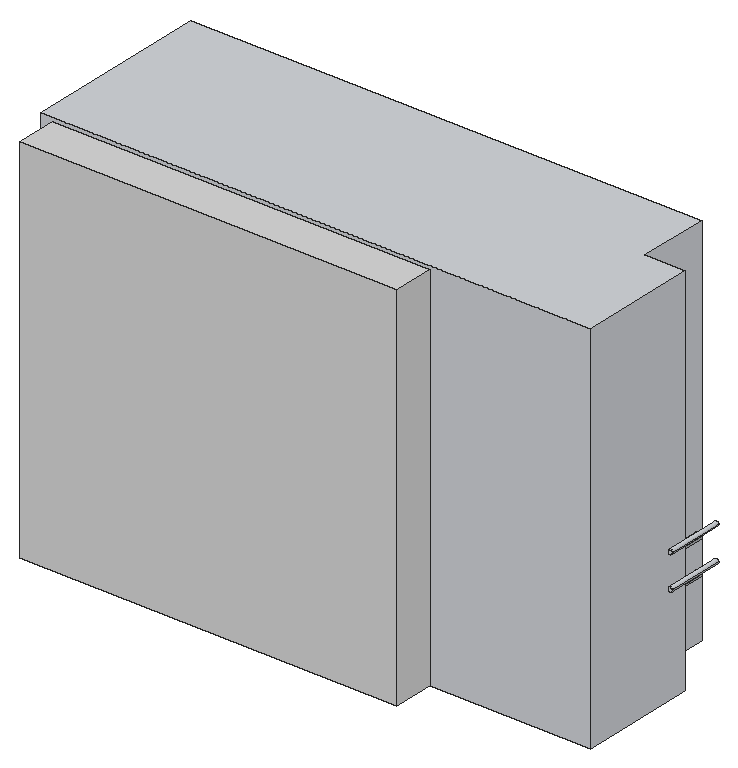
Revit family "LG_Multi_F_R32_ODU_2Port_U24A_NA_v1.1", category Mechanical Equipment, Revit 2020
Family settings
  Round Connector Dimension = Use Diameter
  Classification = None
  Part Type = Normal
  Work Plane-Based = No
  Always vertical = Yes
  Cut with Voids When Loaded = No
  Shared = No
  Room Calculation Point = No
Parameters (values of type "U24A")
  Type = ""
  Temp Operating Range (Heating)(F) = ""
  Temp Operating Range (Heating)(C) = ""
  Temp Operating Range (Cooling)(F) = ""
  Temp Operating Range (Cooling)(C) = ""
  Sound Pressure Level Heating (dB(A)) = ""
  Sound Pressure Level Cooling (dB(A)) = ""
  Sound Power Level Heating (dB(A)) = ""
  Sound Power Level Cooling (dB(A)) = ""
  Running Current (Heating)(A) = ""
  Running Current (Cooling)(A) = ""
  Refrigerant Type = ""
  Refrigerant Liquid Connection Diameter = 1/4"
  Refrigerant Gas Connection Diameter = 0.3748"
  Refrigerant Charge (oz) = ""
  Refrigerant Charge (g) = ""
  Power Supply Cable = ""
  Power Supply (Ph_V_Hz) = ""
  Power Input (Heating)(kW) = ""
  Power Input (Cooling)(kW) = ""
  Pipe Connection_Liquid Side (mm) = ""
  Pipe Connection_Liquid Side (inch) = ""
  Pipe Connection_Gas Side (mm) = ""
  Pipe Connection_Gas Side (inch) = ""
  Net Weight (lbs) = ""
  Net Weight (kg) = ""
  Model name (Factory) = ""
  Model name (Buyer) = ""
  Heating Capacity (kW) = ""
  Heating Capacity (Btu/h) = ""
  Fan Type = ""
  Fan Motor Type = ""
  Fan Motor Output (W) = ""
  Fan Air Flow Rate (CMM) = ""
  Fan Air Flow Rate (CFM) = ""
  Expansion Valve Type = ""
  Dimensions (WxHxD)(mm) = ""
  Dimensions (WxHxD)(inch) = ""
  Default Elevation = 0"
  Cooling Capacity (kW) = ""
  Cooling Capacity (Btu/h) = ""
  Compressor Type = ""
  Compressor Motor Output (W) = ""
  Chassis name = ""
Reference planes (in)
  plane 1 "중심(앞/뒤)": y = 0
  plane 2: z = 0
  plane 3 "중심(왼쪽/오른쪽)": x = 0
Forms (in)
  Extrusion 1, solid
    sketch origin (0, 0, 0) x (1, 0, 0) y (0, 1, 0)
      loop
        line (-16.19517, -5.45487) -> (16.08829, -5.45487) -> (16.08829, 1.4349) -> (13.72609, 1.4349) -> (13.72609, 5.56876) -> (-16.19517, 5.56876) -> (-16.19517, -5.45487)
    from 2.23996 to 24.27941
  Extrusion 2, solid, material "210"
    sketch origin (0, 0, 0) x (1, 0, 0) y (0, 0, 1)
      loop
        line (-15.41171, 24.06525) -> (-15.41171, 2.23996) -> (6.65564, 2.23996) -> (6.65564, 24.06525) -> (-15.41171, 24.06525)
    from 0 to 7.90364
  Extrusion 3, solid
    sketch origin (0, 0, 0) x (1, 0, 0) y (0, 0, 1)
      loop
        circle (16.36712, 10.25895) r 0.1248
      loop
        circle (15.3435, 9.2747) r 0.1874
      loop
        circle (16.36712, 8.29045) r 0.1248
      loop
        circle (15.3435, 7.3062) r 0.1874
    from -3.35304 to 0
Dimensions and locks (in)
  aligned and locked: level to plane 2
Connectors (in)
  piping at (16.36712, 3.35304, 10.25895), diameter 0.25, driven by "Refrigerant Liquid Connection Diameter"
    settings: on Extrusion 3, index 1, connector inside diameter 24", connector length 0", flow factor 0, pipe flow 0.0 L/s, pressure drop 0.0 Pa, fitting loss kfactor 0, connector angle 0.00°, fixture units 0, engagement length 0", angle of deflection 0.00°, flow configuration 0, flow direction 0, fitting loss method 0, system type 7, joint type 0, gender type 0, connector reference index -1, connector utility 0, adjustable connector no, is connector primary yes, connector description "Refrigerant_Pipe_Liquid"
  piping at (16.36712, 3.35304, 8.29045), diameter 0.25, driven by "Refrigerant Liquid Connection Diameter"
    settings: on Extrusion 3, index 2, connector inside diameter 24", connector length 0", flow factor 0, pipe flow 0.0 L/s, pressure drop 0.0 Pa, fitting loss kfactor 0, connector angle 0.00°, fixture units 0, engagement length 0", angle of deflection 0.00°, flow configuration 0, flow direction 0, fitting loss method 0, system type 7, joint type 0, gender type 0, connector reference index -1, connector utility 0, adjustable connector no, is connector primary no, connector description "Refrigerant_Pipe_Liquid_1"
  piping at (15.3435, 3.35304, 9.2747), diameter 0.3748, driven by "Refrigerant Gas Connection Diameter"
    settings: on Extrusion 3, index 3, connector inside diameter 24", connector length 0", flow factor 0, pipe flow 0.0 L/s, pressure drop 0.0 Pa, fitting loss kfactor 0, connector angle 0.00°, fixture units 0, engagement length 0", angle of deflection 0.00°, flow configuration 0, flow direction 0, fitting loss method 0, system type 8, joint type 0, gender type 0, connector reference index -1, connector utility 0, adjustable connector no, is connector primary no, connector description "Refrigerant_Pipe_Gas1"
  piping at (15.3435, 3.35304, 7.3062), diameter 0.3748, driven by "Refrigerant Gas Connection Diameter"
    settings: on Extrusion 3, index 4, connector inside diameter 24", connector length 0", flow factor 0, pipe flow 0.0 L/s, pressure drop 0.0 Pa, fitting loss kfactor 0, connector angle 0.00°, fixture units 0, engagement length 0", angle of deflection 0.00°, flow configuration 0, flow direction 0, fitting loss method 0, system type 8, joint type 0, gender type 0, connector reference index -1, connector utility 0, adjustable connector no, is connector primary no, connector description "Refrigerant_Pipe_Gas1"
